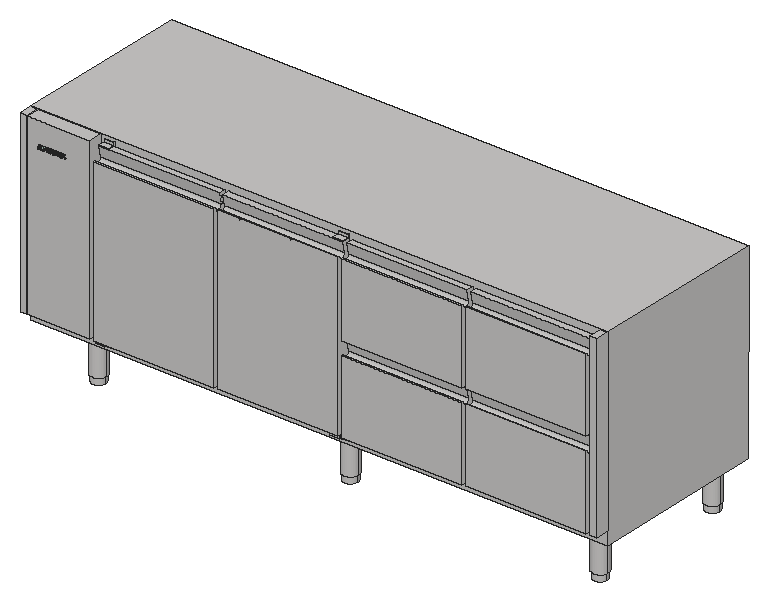
Revit family "QF_ALPENINOX_712838_AHR4RL", category Attrezzature speciali, Revit 2018
Family settings
  Quota connettore circolare = Usa diametro
  Tipo di parte = Normale
  Basato su piano di lavoro = No
  Sempre verticale = Sì
  Taglio con vuoti quando caricato = No
  Condiviso = No
  Punto di calcolo locali = No
Parameters (values of type "Standard")
  Weight = 127.00 kg
  Watts = 30 W
  Volts = 220 V
  URL Manufacturer = "http://www.alpeninox.com"
  URL = "http://www.alpeninox.com"
  Steam Supply Size = 0 mm
  Steam Supply Minimum Pressure = 0.0 Pa
  Steam Supply Maximum Pressure = 0.0 Pa
  Steam Consumption per Hour = 0
  Refrigeration Suction Line Size = 9.5 mm
  Refrigeration Liquid Line Size = 8 mm
  Refrigerant Compressor Remote = yes
  Produttore = "Alpeninox"
  Phase = 1
  Modello = "AHR4RL"
  Length Actual = 2111 mm  # constant formula
  Item Number = "712838"
  Hot Water Size = 0 mm
  Height Actual = 850 mm  # constant formula
  HP = "0 HP"
  Gas Size = 0 mm
  Gas KW = 0
  Gas Input Pressure = 0 W
  Direct Waste Size = 0 mm
  Descrizione = "REFR.COUNTER 590L 2xDOOR 4x1/2DRW NOTOP REM CU_LFT GALV"
  Depth Actual = 700 mm  # constant formula
  Cycle = 50 Hz
  Condensate Return Size = 0 mm
  Compressed Air Volume = 0.0 L/s
  Compressed Air Size = 0 mm
  Compressed Air Pressure = 0.0 Pa
  Cold Water Size = 0 mm
  Accessory = yes
Types (2, lengths in mm): name | URL | Refrigeration Suction Line Size | Refrigeration Liquid Line Size | Produttore | Phase | Modello | Descrizione
  (no name) | 0 | 0 | 0 | 0 | 0 | 0 | 0
  Standard | "http://www.alpeninox.com" | 9.5 | 8 | "Alpeninox" | 1 | "AHR4RL" | "REFR.COUNTER 590L 2xDOOR 4x1/2DRW NOTOP REM CU_LFT GALV"
Values of the unnamed type that differ from the named types
  Weight = 0.00 kg
  Watts = 0 W
  Volts = 0 V
  URL Manufacturer = ""
  Item Number = ""
  HP = ""
  Cycle = 0 Hz
Reference planes
  plane 1: z = 0
  plane 2 "Center (Left/Right)": x = -124.5
  plane 3 "Center (Front/Back)": y = 64.5
  plane 4 "FEET": z = 150
  plane 5 "TOP": z = 900
  plane 6 "PLAIN": z = 850
  plane 7 "EI_back": y = -116
  plane 8 "EI_left": x = -1052
  plane 9 "BACK": y = 412
  plane 10 "FRONT": y = -283
  plane 11 "DOOR": y = -233
  plane 12 "LEFT": x = -1180
  plane 13 "RIGHT": x = 931
  plane 14: x = -1155
  plane 15: x = 906
  plane 16 "RO_left": x = -1099
  plane 17 "RI_left": x = -1074
  plane 18 "RO_back": y = 39
  plane 19 "RI_back": y = 39
  plane 20 "DRAINleft": x = -1114
  plane 21 "DRAINback": y = 164
Forms (mm)
  Extrusion 1, solid, material "QF_Finishes_Stainless Steel"
    sketch origin (-1022.223, -1524, 150) x (-1, 0, 0) y (0, -1, 0)
      loop
        circle (29.777, -1408) r 5
    from 0 to -40
  Extrusion 2, solid, material "QF_Finishes_Stainless Steel"
    sketch origin (-1022.223, -1524, 150) x (-1, 0, 0) y (0, -1, 0)
      loop
        line (-1928.223, -1291) -> (-1928.223, -1241) -> (-1953.223, -1241) -> (-1953.223, -1291) -> (-1928.223, -1291)
    from 48 to 700
  Extrusion 3, solid, material "QF_Finishes_Stainless Steel"
    sketch origin (-1022.223, -1524, 150) x (-1, 0, 0) y (0, -1, 0)
      loop
        circle (76.777, -1563) r 4.25
    from 0 to -20
  Extrusion 4, solid, material "QF_Finishes_Stainless Steel"
    sketch origin (-1022.223, -1524, 150) x (-1, 0, 0) y (0, -1, 0)
      loop
        circle (51.777, -1563) r 4
    from 0 to -20
  Extrusion 5, solid, material "QF_Finishes_Stainless Steel"
    sketch origin (-1022.223, -1524, 150) x (-1, 0, 0) y (0, -1, 0)
      loop
        circle (91.777, -1688) r 8.5
    from 0 to -40
  Extrusion 6, solid, material "QF_Finishes_Stainless Steel"
    sketch origin (-1022.223, -1524, 150) x (-1, 0, 0) y (0, -1, 0)
      loop
        line (157.777, -1936) -> (157.777, -1291) -> (-1953.223, -1291) -> (-1953.223, -1936) -> (157.777, -1936)
    from 0 to 700
  Extrusion 7, solid, material "QF_Finishes_Stainless Steel"
    sketch origin (773.223, -1524, 150) x (1, 0, 0) y (0, 1, 0)
      loop
        line (-1928.223, 1291) -> (-1953.223, 1291) -> (-1953.223, 1241) -> (-1928.223, 1241) -> (-1928.223, 1291)
    from 48 to 700
Lines and regions (mm)
  symbolic lines, style "SpecialityEquipmentHiddenLines"
    curve 1: line (-1180, 412, 150) -> (931, 412, 150)
    curve 2: line (-1180, -283, 150) -> (-1180, 412, 150)
    curve 3: line (931, -283, 150) -> (-1180, -283, 150)
    curve 4: line (931, 412, 150) -> (931, -283, 150)
    curve 5: line (-1180, -233, 150) -> (931, -233, 150)
    curve 6: line (906, -233, 150) -> (906, -283, 150)
    curve 7: line (-1155, -233, 150) -> (-1155, -283, 150)
Dimensions and locks
  plane 4 "FEET" to level = 150 mm
  plane 11 "DOOR" to plane 10 "FRONT" = 50 mm
  plane 6 "PLAIN" to plane 4 "FEET" = 700 mm
  plane 5 "TOP" to plane 6 "PLAIN" = 50 mm
  plane 12 "LEFT" to plane 14 = 25 mm
  plane 15 to plane 13 "RIGHT" = 25 mm
  plane 9 "BACK" to plane 18 "RO_back" = 373 mm
  plane 9 "BACK" to plane 7 "EI_back" = 528 mm
  plane 9 "BACK" to plane 19 "RI_back" = 373 mm
  plane 9 "BACK" to plane 21 "DRAINback" = 248 mm
  plane 12 "LEFT" to plane 20 "DRAINleft" = 66 mm
  plane 12 "LEFT" to plane 8 "EI_left" = 128 mm
  plane 12 "LEFT" to plane 17 "RI_left" = 106 mm
  plane 12 "LEFT" to plane 16 "RO_left" = 81 mm
  plane 9 "BACK" to plane 10 "FRONT" = 695 mm
  equal spacing: plane 9 "BACK", plane 3 "Center (Front/Back)", plane 10 "FRONT"
  plane 12 "LEFT" to plane 13 "RIGHT" = 2111 mm
  equal spacing: plane 12 "LEFT", plane 2 "Center (Left/Right)", plane 13 "RIGHT"
  aligned and locked: level to plane 1
Automatic sketch dimensions
  Extrusion 1 sketch curve to plane 7 "EI_back" = 0 mm
  Extrusion 1 sketch curve to plane 8 "EI_left" = 0 mm
  Extrusion 2 sketch curve to plane 11 "DOOR" = 0 mm
  Extrusion 2 sketch curve to plane 13 "RIGHT" = 0 mm
  Extrusion 2 sketch curve to plane 10 "FRONT" = 0 mm
  Extrusion 2 sketch curve to plane 15 = 0 mm
  Extrusion 3 sketch curve to plane 16 "RO_left" = 0 mm
  Extrusion 3 sketch curve to plane 18 "RO_back" = 0 mm
  Extrusion 5 sketch curve to plane 20 "DRAINleft" = 0 mm
  Extrusion 5 sketch curve to plane 21 "DRAINback" = 0 mm
  Extrusion 6 sketch curve to plane 9 "BACK" = 0 mm
  Extrusion 6 sketch curve to plane 13 "RIGHT" = 0 mm
  Extrusion 6 sketch curve to plane 11 "DOOR" = 0 mm
  Extrusion 6 sketch curve to plane 12 "LEFT" = 0 mm
  curve 4 to plane 10 "FRONT" = 0 mm
  curve 4 to plane 13 "RIGHT" = 0 mm
  curve 6 to plane 11 "DOOR" = 0 mm
  curve 6 to plane 15 = 0 mm
  curve 7 to plane 14 = 0 mm
  curve 3 to plane 12 "LEFT" = 0 mm
  curve 1 to plane 9 "BACK" = 0 mm
  Extrusion 7 sketch curve to plane 11 "DOOR" = 0 mm
  Extrusion 7 sketch curve to plane 12 "LEFT" = 0 mm
  Extrusion 7 sketch curve to plane 10 "FRONT" = 0 mm
  Extrusion 7 sketch curve to plane 14 = 0 mm
  Extrusion 4 sketch curve to plane 17 "RI_left" = 0 mm
  Extrusion 4 sketch curve to plane 19 "RI_back" = 0 mm
  radius of Extrusion 1 sketch curve = 5 mm
  radius of Extrusion 3 sketch curve = 4.25 mm
  radius of Extrusion 5 sketch curve = 8.5 mm
  radius of Extrusion 4 sketch curve = 4 mm
Nested families
  nested 1: "HPP_Refrigerator" at (931, -283, 0), type "HPP_Refrigerator"
  nested 2: "HPP_FEET" at (-973, 331, 0), type "HPP_FEET"
  nested 3: "HPP_FEET" at (865, 331, 0), type "HPP_FEET"
  nested 4: "HPP_FEET" at (-973, -183, 0), type "HPP_FEET"
  nested 5: "HPP_FEET" at (865, -183, 0), type "HPP_FEET"
  nested 6: "HPP_FEET" at (-50, -183, 0), type "HPP_FEET"
  nested 7: "HPP_APX_REM_TN_L" at (-960.58, -233, 598) x (1, 0, 0) z (0, -1, 0), type "HPP_APX_REM_TN_L"
    with Show Logo yes
  nested 8: "HPP_APX_SD_L" at (-690, -233, 512) x (1, 0, 0) z (0, -1, 0), type "HPP_APX_SD_L"
    with Show Clearance yes
  nested 9: "HPP_APX_SD_R" at (-236, -233, 512) x (1, 0, 0) z (0, -1, 0), type "HPP_APX_SD_R"
    with Show Clearance yes
  nested 10: "HPP_APX_HALF" at (218, -233, 512) x (1, 0, 0) z (0, -1, 0), type "HPP_APX_HALF"
    with Show Clearance yes
  nested 11: "HPP_APX_HALF" at (672, -233, 512) x (1, 0, 0) z (0, -1, 0), type "HPP_APX_HALF"
    with Show Clearance yes
Connectors
  electrical at (-1052, -116, 110), driven by "Volts"
    settings: on Extrusion 1, index 1, voltage 220 V, apparent load 0 VA, apparent load phase1 0 VA, apparent load phase2 0 VA, apparent load phase3 0 VA, power factor 1, load classification "Other", number of poles 1, system type 31, power factor state 1, is connector primary yes, connector utility no, sub classification motor no, connector description "Electrical Connection"
  piping at (-1099, 39, 130), diameter 9.5, driven by "Refrigeration Suction Line Size"
    settings: on Extrusion 3, index 3, connector inside diameter 609.6 mm, connector length 0 mm, flow factor 0, pipe flow 0.0 L/s, pressure drop 0.0 Pa, fitting loss kfactor 0, connector angle 0.00°, fixture units 0, engagement length 0 mm, angle of deflection 0.00°, flow configuration 1, flow direction 2, fitting loss method 0, system type 8, joint type 0, gender type 0, connector reference index -1, connector utility 0, adjustable connector no, is connector primary yes, connector description "Refrigerant Outlet"
  piping at (-1074, 39, 130), diameter 8, driven by "Refrigeration Liquid Line Size"
    settings: on Extrusion 4, index 4, connector inside diameter 609.6 mm, connector length 0 mm, flow factor 0, pipe flow 0.0 L/s, pressure drop 0.0 Pa, fitting loss kfactor 0, connector angle 0.00°, fixture units 0, engagement length 0 mm, angle of deflection 0.00°, flow configuration 1, flow direction 1, fitting loss method 0, system type 7, joint type 0, gender type 0, connector reference index -1, connector utility 0, adjustable connector no, is connector primary no, connector description "Refrigerant Inlet"
  piping at (-1114, 164, 110), diameter 17
    settings: on Extrusion 5, index 5, connector inside diameter 609.6 mm, connector length 0 mm, flow factor 0, pipe flow 0.0 L/s, pressure drop 0.0 Pa, fitting loss kfactor 0, connector angle 0.00°, fixture units 0, engagement length 0 mm, angle of deflection 0.00°, flow configuration 1, flow direction 2, fitting loss method 0, system type 16, joint type 0, gender type 0, connector reference index -1, connector utility 0, adjustable connector no, is connector primary no, connector description "Drain"
Definition of nested family "HPP_FEET"
  Parameters
    FEET = 150 mm
  Reference planes
    plane 1 "Center (Front/Back)": y = 0
    plane 2: z = 0
    plane 3 "Center (Left/Right)": x = 0
    plane 4: z = 150
  Forms (mm)
    Revolve 1, solid
      sketch origin (255.05, 0, 608.09) x (0, 0, 1) y (-1, 0, 0)
        loop
          line (-608.09, 255.05) -> (-608.09, 230.05) -> (-583.09, 230.05) -> (-583.09, 226.05) -> (-458.09, 226.05) -> (-458.09, 255.05) -> (-608.09, 255.05)
        axis (-608.09, 255.05) -> (-458.09, 255.05)
      angle from 0 to 360
  Dimensions and locks
    locked: Revolve 1 sketch curve to Revolve 1 sketch curve at 125
    "FEET": plane 4 to plane 2
    aligned and locked: level to plane 2
    aligned and locked: plane 4 to Revolve 1 sketch curve
    aligned and locked: Revolve 1 sketch curve to level
    aligned and locked: plane 3 "Center (Left/Right)" to Revolve 1 sketch curve
  Automatic sketch dimensions
    Revolve 1 sketch curve to plane 3 "Center (Left/Right)" = 0 mm
    Revolve 1 sketch curve to Revolve 1 sketch curve = 25 mm
    Revolve 1 sketch curve to Revolve 1 sketch curve = 29 mm
    plane 4 to Revolve 1 sketch curve = 50 mm
    Revolve 1 sketch curve to Revolve 1 sketch curve = 20 mm
Definition of nested family "HPP_APX_REM_TN_L"
  Parameters
    Show Logo [instance] = yes
    Default Elevation = 1219.2 mm
  Reference planes
    plane 1 "Center (Front/Back)": y = -74
    plane 2: z = 0
    plane 3 "Center (Left/Right)": x = -78.92
    plane 4: x = -194.42
    plane 5: x = 36.58
    plane 6: y = 252
    plane 7: y = -400
  Forms (mm)
    Extrusion 1, solid
      sketch origin (0, 0, 0) x (1, 0, 0) y (0, 1, 0)
        loop
          line (-1219.2, 1219.2) -> (-1219.2, -1219.2) -> (1219.2, -1219.2) -> (1219.2, 1219.2) -> (-1219.2, 1219.2)
      from 0 to -304.8
    Extrusion 2, solid
      sketch origin (0, 0, 0) x (1, 0, 0) y (0, 1, 0)
        loop
          line (-194.42, 252) -> (-194.42, -400) -> (36.58, -400) -> (36.58, 252) -> (-194.42, 252)
      from 0 to 50
    Extrusion 3, solid
      sketch origin (18.272, 0.892, 0) x (1, 0, 0) y (0, 1, 0)
        loop
          line (-168.675, 170.349) -> (-172.411, 160.318)
          arc (-172.411, 160.318) -> (-171.624, 158.497) -> (-169.837, 159.36) r 1.374
          line (-169.837, 159.36) -> (-169.268, 161.111) -> (-164.1, 161.111) -> (-163.54, 159.379)
          arc (-163.54, 159.379) -> (-161.802, 158.542) -> (-161.049, 160.318) r 1.333
          line (-161.049, 160.318) -> (-164.694, 170.349)
          arc (-164.694, 170.349) -> (-166.685, 171.876) -> (-168.675, 170.349) r 2.06
        loop
          line (-166.681, 169.055) -> (-168.469, 163.655) -> (-164.935, 163.655) -> (-166.681, 169.055)
        loop
          arc (-159.705, 160.042) -> (-159.262, 158.973) -> (-158.194, 158.531) r 1.512
          line (-158.194, 158.531) -> (-153.608, 158.531)
          arc (-153.608, 158.531) -> (-152.337, 159.802) -> (-153.608, 161.074) r 1.272
          line (-153.608, 161.074) -> (-156.917, 161.074) -> (-156.917, 170.328)
          arc (-156.917, 170.328) -> (-158.311, 171.722) -> (-159.705, 170.328) r 1.394
          line (-159.705, 170.328) -> (-159.705, 160.042)
        loop
          line (-151.076, 170.218) -> (-151.076, 159.859)
          arc (-151.076, 159.859) -> (-149.683, 158.466) -> (-148.29, 159.859) r 1.393
          line (-148.29, 159.859) -> (-148.29, 162.882) -> (-146.225, 162.882)
          arc (-146.225, 162.882) -> (-142.999, 163.859) -> (-141.608, 166.928) r 4.082
          arc (-141.608, 166.928) -> (-142.993, 170.272) -> (-146.336, 171.657) r 4.728
          line (-146.336, 171.657) -> (-149.638, 171.657)
          arc (-149.638, 171.657) -> (-150.655, 171.235) -> (-151.076, 170.218) r 1.439
        loop
          line (-148.29, 165.313) -> (-146.388, 165.313)
          arc (-146.388, 165.313) -> (-144.433, 167.268) -> (-146.388, 169.222) r 1.955
          line (-146.388, 169.222) -> (-148.29, 169.222) -> (-148.29, 165.313)
        loop
          arc (-131.184, 166.332) -> (-132.004, 168.2) -> (-133.767, 169.228) r 3.3
          arc (-133.767, 169.228) -> (-136.353, 168.661) -> (-137.611, 166.332) r 3.176
          line (-137.611, 166.332) -> (-131.184, 166.332)
        loop
          line (-137.538, 163.743) -> (-130.544, 163.743)
          arc (-130.544, 163.743) -> (-129.292, 163.916) -> (-128.301, 164.701) r 2.4
          arc (-128.301, 164.701) -> (-128.155, 165.545) -> (-128.212, 166.399) r 3.635
          arc (-128.212, 166.399) -> (-130.364, 170.162) -> (-134.39, 171.769) r 6.579
          arc (-134.39, 171.769) -> (-138.918, 169.706) -> (-140.661, 165.044) r 6.501
          arc (-140.661, 165.044) -> (-139.276, 160.789) -> (-135.401, 158.549) r 6.252
          arc (-135.401, 158.549) -> (-132.922, 158.526) -> (-130.544, 159.232) r 8.361
          arc (-130.544, 159.232) -> (-129.466, 159.781) -> (-128.641, 160.666) r 3.486
          arc (-128.641, 160.666) -> (-128.419, 161.592) -> (-128.828, 162.451) r 1.425
          arc (-128.828, 162.451) -> (-129.368, 162.762) -> (-129.99, 162.762) r 1.203
          arc (-129.99, 162.762) -> (-130.406, 162.59) -> (-130.764, 162.316) r 1.724
          arc (-130.764, 162.316) -> (-131.666, 161.705) -> (-132.646, 161.229) r 7.6
          arc (-132.646, 161.229) -> (-135.676, 161.35) -> (-137.538, 163.743) r 3.6
        loop
          line (-126.669, 170.328) -> (-126.669, 159.859)
          arc (-126.669, 159.859) -> (-125.273, 158.463) -> (-123.878, 159.859) r 1.396
          line (-123.878, 159.859) -> (-123.878, 166.785) -> (-117.946, 159.029)
          arc (-117.946, 159.029) -> (-116.361, 158.51) -> (-115.379, 159.859) r 1.417
          line (-115.379, 159.859) -> (-115.379, 170.328)
          arc (-115.379, 170.328) -> (-116.774, 171.723) -> (-118.169, 170.328) r 1.395
          line (-118.169, 170.328) -> (-118.169, 163.311) -> (-124.101, 171.157)
          arc (-124.101, 171.157) -> (-125.687, 171.678) -> (-126.669, 170.328) r 1.418
        loop
          arc (-113.636, 159.859) -> (-112.241, 158.464) -> (-110.847, 159.859) r 1.394
          line (-110.847, 159.859) -> (-110.847, 170.328)
          arc (-110.847, 170.328) -> (-112.241, 171.723) -> (-113.636, 170.328) r 1.394
          line (-113.636, 170.328) -> (-113.636, 159.859)
        loop
          line (-109.102, 170.328) -> (-109.102, 159.859)
          arc (-109.102, 159.859) -> (-107.706, 158.463) -> (-106.31, 159.859) r 1.396
          line (-106.31, 159.859) -> (-106.31, 166.785) -> (-100.378, 159.029)
          arc (-100.378, 159.029) -> (-98.793, 158.51) -> (-97.812, 159.859) r 1.417
          line (-97.812, 159.859) -> (-97.812, 170.328)
          arc (-97.812, 170.328) -> (-99.207, 171.723) -> (-100.602, 170.328) r 1.395
          line (-100.602, 170.328) -> (-100.602, 163.311) -> (-106.533, 171.157)
          arc (-106.533, 171.157) -> (-108.119, 171.678) -> (-109.102, 170.328) r 1.418
        loop
          arc (-96.345, 165.093) -> (-95.619, 161.877) -> (-93.467, 159.379) r 6.806
          arc (-93.467, 159.379) -> (-91.792, 158.566) -> (-89.948, 158.31) r 5.956
          arc (-89.948, 158.31) -> (-88.104, 158.566) -> (-86.43, 159.379) r 5.956
          arc (-86.43, 159.379) -> (-84.277, 161.877) -> (-83.551, 165.093) r 6.806
          arc (-83.551, 165.093) -> (-84.277, 168.31) -> (-86.43, 170.808) r 6.806
          arc (-86.43, 170.808) -> (-88.104, 171.621) -> (-89.948, 171.877) r 5.956
          arc (-89.948, 171.877) -> (-91.792, 171.621) -> (-93.467, 170.808) r 5.956
          arc (-93.467, 170.808) -> (-95.619, 168.31) -> (-96.345, 165.093) r 6.806
        loop
          arc (-93.425, 165.093) -> (-93.138, 163.212) -> (-92.081, 161.629) r 4.387
          arc (-92.081, 161.629) -> (-91.087, 161.049) -> (-89.948, 160.881) r 3.035
          arc (-89.948, 160.881) -> (-88.809, 161.049) -> (-87.815, 161.629) r 3.035
          arc (-87.815, 161.629) -> (-86.759, 163.212) -> (-86.472, 165.093) r 4.387
          arc (-86.472, 165.093) -> (-86.759, 166.975) -> (-87.815, 168.558) r 4.387
          arc (-87.815, 168.558) -> (-88.809, 169.138) -> (-89.948, 169.306) r 3.035
          arc (-89.948, 169.306) -> (-91.087, 169.138) -> (-92.081, 168.558) r 3.035
          arc (-92.081, 168.558) -> (-93.138, 166.975) -> (-93.425, 165.093) r 4.387
        loop
          line (-82.843, 169.609) -> (-79.829, 165.552) -> (-83.513, 160.652)
          arc (-83.513, 160.652) -> (-83.216, 158.692) -> (-81.262, 159.029) r 1.388
          line (-81.262, 159.029) -> (-78.213, 163.232) -> (-75.164, 159.029)
          arc (-75.164, 159.029) -> (-73.211, 158.692) -> (-72.913, 160.652) r 1.388
          line (-72.913, 160.652) -> (-76.597, 165.552) -> (-73.584, 169.609)
          arc (-73.584, 169.609) -> (-73.952, 171.597) -> (-75.908, 171.084) r 1.38
          line (-75.908, 171.084) -> (-78.213, 167.841) -> (-80.519, 171.084)
          arc (-80.519, 171.084) -> (-82.474, 171.597) -> (-82.843, 169.609) r 1.38
      from 50 to 51.6
  Lines and regions (mm)
    Split face 1
      outline origin (0, 0, 50) x (1, 0, 0) y (0, 1, 0)
        loop
          line (36.58, 183) -> (-147.92, 183)
          arc (-147.92, 183) -> (-165.42, 165.5) -> (-147.92, 148) r 17.5
          line (-147.92, 148) -> (36.58, 148)
    Split face 2
      outline origin (12.5, 0, 50) x (1, 0, 0) y (0, 1, 0)
        loop
          line (-55.92, 177) -> (-55.92, 154) -> (14.08, 154) -> (14.08, 177) -> (-55.92, 177)
    Split face 3
      outline origin (12.5, 0, 50) x (1, 0, 0) y (0, 1, 0)
        loop
          line (-5.92, 174) -> (-5.92, 157) -> (11.08, 157) -> (11.08, 174) -> (-5.92, 174)
    Split face 4
      outline origin (0, 0, 50) x (1, 0, 0) y (0, 1, 0)
        loop
          line (-194.42, 188) -> (36.58, 188)
        loop
          line (-194.42, 143) -> (36.58, 143)
    symbolic lines
      curve 1: line (36.58, -74, 50) -> (36.58, -74, 0)
  Dimensions and locks
    equal spacing: plane 6, plane 1 "Center (Front/Back)", plane 7
    plane 4 to plane 5 = 231 mm
    equal spacing: plane 4, plane 3 "Center (Left/Right)", plane 5
    plane 6 to plane 7 = 652 mm
    aligned and locked: plane 2 to Extrusion 1
    aligned and locked: level to Extrusion 1
  Automatic sketch dimensions
    Extrusion 1 sketch curve to Extrusion 1 sketch curve = 2438.4 mm  (x2)
    Extrusion 2 sketch curve to plane 4 = 0 mm
    Extrusion 2 sketch curve to plane 5 = 0 mm
    Extrusion 2 sketch curve to plane 7 = 0 mm
    Extrusion 2 sketch curve to plane 6 = 0 mm
    Split face 1 sketch curve to Extrusion 2 = 0 mm  (x2)
    Split face 1 sketch curve to Extrusion 2 = 46.5 mm
    Split face 1 sketch curve to Extrusion 2 = 86.5 mm
    Split face 1 sketch curve to Split face 1 sketch curve = 17.5 mm
    Split face 2 sketch curve to Extrusion 2 = 80 mm
    Split face 2 sketch curve to Extrusion 2 = 10 mm
    Split face 2 sketch curve to Extrusion 2 = 98 mm
    Split face 2 sketch curve to Split face 2 sketch curve = 23 mm
    Split face 3 sketch curve to Extrusion 2 = 30 mm
    Split face 3 sketch curve to Split face 3 sketch curve = 17 mm  (x2)
    Split face 3 sketch curve to Extrusion 2 = 95 mm
    curve 1 to level = 0 mm
    curve 1 to plane 5 = 0 mm
    curve 1 to curve 1 = 50 mm
    plane 4 to Extrusion 3 sketch curve = 40.282 mm
    Extrusion 3 sketch curve to Extrusion 3 sketch curve = 1.266 mm
    Extrusion 3 sketch curve to Extrusion 3 sketch curve = 1.307 mm
    Extrusion 3 sketch curve to Extrusion 3 sketch curve = 0.57 mm
    Extrusion 3 sketch curve to Extrusion 3 sketch curve = 0.593 mm
    Extrusion 3 sketch curve to Extrusion 3 sketch curve = 0.799 mm
    Extrusion 3 sketch curve to Extrusion 3 sketch curve = 1.99 mm  (x2)
    Extrusion 3 sketch curve to Extrusion 3 sketch curve = 0.003 mm
    Extrusion 3 sketch curve to Extrusion 3 sketch curve = 3.534 mm
    Extrusion 3 sketch curve to Extrusion 3 sketch curve = 0.835 mm
    Extrusion 3 sketch curve to Extrusion 3 sketch curve = 0.56 mm
    Extrusion 3 sketch curve to Extrusion 3 sketch curve = 1.268 mm
    Extrusion 3 sketch curve to Extrusion 3 sketch curve = 1.223 mm
    Extrusion 3 sketch curve to Extrusion 3 sketch curve = 1.344 mm
    Extrusion 3 sketch curve to Extrusion 3 sketch curve = 1.394 mm  (x2)
    Extrusion 3 sketch curve to Extrusion 3 sketch curve = 1.512 mm
    Extrusion 3 sketch curve to Extrusion 3 sketch curve = 3.309 mm
    Extrusion 3 sketch curve to Extrusion 3 sketch curve = 5.841 mm
    Extrusion 3 sketch curve to Extrusion 3 sketch curve = 1.393 mm
    Extrusion 3 sketch curve to Extrusion 3 sketch curve = 1.439 mm
    Extrusion 3 sketch curve to Extrusion 3 sketch curve = 0 mm  (x18)
    Extrusion 3 sketch curve to Extrusion 3 sketch curve = 1.902 mm
    Extrusion 3 sketch curve to Extrusion 3 sketch curve = 0.052 mm
    Extrusion 3 sketch curve to Extrusion 3 sketch curve = 2.065 mm
    Extrusion 3 sketch curve to Extrusion 3 sketch curve = 0.647 mm
    Extrusion 3 sketch curve to Extrusion 3 sketch curve = 8.079 mm
    Extrusion 3 sketch curve to Extrusion 3 sketch curve = 0.073 mm
    Extrusion 3 sketch curve to Extrusion 3 sketch curve = 2.145 mm
    Extrusion 3 sketch curve to Extrusion 3 sketch curve = 2.931 mm
    Extrusion 3 sketch curve to Extrusion 3 sketch curve = 0.213 mm
    Extrusion 3 sketch curve to Extrusion 3 sketch curve = 0.026 mm
    Extrusion 3 sketch curve to Extrusion 3 sketch curve = 0.263 mm
    Extrusion 3 sketch curve to Extrusion 3 sketch curve = 0.516 mm
    Extrusion 3 sketch curve to Extrusion 3 sketch curve = 0.356 mm
    Extrusion 3 sketch curve to Extrusion 3 sketch curve = 0.387 mm
    Extrusion 3 sketch curve to Extrusion 3 sketch curve = 2.378 mm
    Extrusion 3 sketch curve to Extrusion 3 sketch curve = 2.466 mm
    Extrusion 3 sketch curve to Extrusion 3 sketch curve = 0.602 mm
    Extrusion 3 sketch curve to Extrusion 3 sketch curve = 1.02 mm
    Extrusion 3 sketch curve to Extrusion 3 sketch curve = 0.949 mm
    Extrusion 3 sketch curve to Extrusion 3 sketch curve = 1.728 mm
    Extrusion 3 sketch curve to Extrusion 3 sketch curve = 0.157 mm  (x2)
    Extrusion 3 sketch curve to Extrusion 3 sketch curve = 0.292 mm
    Extrusion 3 sketch curve to Extrusion 3 sketch curve = 3.565 mm
    Extrusion 3 sketch curve to Extrusion 3 sketch curve = 1.396 mm  (x2)
    Extrusion 3 sketch curve to Extrusion 3 sketch curve = 1.418 mm  (x2)
    Extrusion 3 sketch curve to Extrusion 3 sketch curve = 1.151 mm  (x2)
    Extrusion 3 sketch curve to Extrusion 3 sketch curve = 5.709 mm  (x2)
    Extrusion 3 sketch curve to Extrusion 3 sketch curve = 0.224 mm  (x2)
    Extrusion 3 sketch curve to Extrusion 3 sketch curve = 1.149 mm  (x2)
    Extrusion 3 sketch curve to Extrusion 3 sketch curve = 1.395 mm  (x2)
    Extrusion 3 sketch curve to Extrusion 3 sketch curve = 1.744 mm
    Extrusion 3 sketch curve to Extrusion 3 sketch curve = 1.745 mm
    plane 3 "Center (Left/Right)" to Extrusion 3 sketch curve = 6.343 mm
    Extrusion 3 sketch curve to Extrusion 3 sketch curve = 0.493 mm  (x3)
    Extrusion 3 sketch curve to Extrusion 3 sketch curve = 0.273 mm  (x2)
    Extrusion 3 sketch curve to Extrusion 3 sketch curve = 0.021 mm  (x2)
    Extrusion 3 sketch curve to Extrusion 3 sketch curve = 0.226 mm  (x2)
    Extrusion 3 sketch curve to Extrusion 3 sketch curve = 0.268 mm  (x2)
    Extrusion 3 sketch curve to Extrusion 3 sketch curve = 0.294 mm
    Extrusion 3 sketch curve to Extrusion 3 sketch curve = 5.534 mm
    Extrusion 3 sketch curve to Extrusion 3 sketch curve = 6.205 mm
    Extrusion 3 sketch curve to Extrusion 3 sketch curve = 1.109 mm  (x2)
    Extrusion 3 sketch curve to Extrusion 3 sketch curve = 1.108 mm  (x2)
    Extrusion 3 sketch curve to Extrusion 3 sketch curve = 1.142 mm  (x2)
    Extrusion 3 sketch curve to Extrusion 3 sketch curve = 1.216 mm  (x2)
    Extrusion 3 sketch curve to Extrusion 3 sketch curve = 3.013 mm
    Extrusion 3 sketch curve to Extrusion 3 sketch curve = 1.616 mm  (x3)
    Extrusion 3 sketch curve to Extrusion 3 sketch curve = 2.305 mm
    Extrusion 3 sketch curve to Extrusion 3 sketch curve = 3.049 mm
    Extrusion 3 sketch curve to plane 6 = 92.577 mm
    Extrusion 3 sketch curve to Extrusion 3 sketch curve = 0.498 mm
    Extrusion 3 sketch curve to Extrusion 3 sketch curve = 0.682 mm
    Extrusion 3 sketch curve to Extrusion 3 sketch curve = 0.664 mm
    Extrusion 3 sketch curve to Extrusion 3 sketch curve = 0.425 mm
    Extrusion 3 sketch curve to Extrusion 3 sketch curve = 0.41 mm
    Extrusion 3 sketch curve to Extrusion 3 sketch curve = 1.272 mm
    Extrusion 3 sketch curve to Extrusion 3 sketch curve = 0.789 mm  (x2)
    Extrusion 3 sketch curve to Extrusion 3 sketch curve = 0.056 mm
    Extrusion 3 sketch curve to Extrusion 3 sketch curve = 0.83 mm
    Extrusion 3 sketch curve to Extrusion 3 sketch curve = 1.238 mm
    Extrusion 3 sketch curve to Extrusion 3 sketch curve = 1.732 mm
    Extrusion 3 sketch curve to Extrusion 3 sketch curve = 0.346 mm
    Extrusion 3 sketch curve to Extrusion 3 sketch curve = 1.123 mm
    Extrusion 3 sketch curve to Extrusion 3 sketch curve = 3.023 mm
    Extrusion 3 sketch curve to Extrusion 3 sketch curve = 4.203 mm
    Extrusion 3 sketch curve to Extrusion 3 sketch curve = 3.452 mm  (x2)
    Extrusion 3 sketch curve to Extrusion 3 sketch curve = 2.544 mm
    Extrusion 3 sketch curve to Extrusion 3 sketch curve = 1.177 mm
    Extrusion 3 sketch curve to Extrusion 3 sketch curve = 3.261 mm
    Extrusion 3 sketch curve to Extrusion 3 sketch curve = 0.352 mm  (x2)
    Extrusion 3 sketch curve to Extrusion 3 sketch curve = 1.987 mm
    Extrusion 3 sketch curve to Extrusion 3 sketch curve = 0.171 mm
    Extrusion 3 sketch curve to Extrusion 3 sketch curve = 0.533 mm  (x3)
    Extrusion 3 sketch curve to Extrusion 3 sketch curve = 0.14 mm  (x4)
    Extrusion 3 sketch curve to Extrusion 3 sketch curve = 0.473 mm
    Extrusion 3 sketch curve to Extrusion 3 sketch curve = 0.31 mm  (x2)
    Extrusion 3 sketch curve to Extrusion 3 sketch curve = 0.075 mm
    Extrusion 3 sketch curve to Extrusion 3 sketch curve = 2.431 mm
    Extrusion 3 sketch curve to Extrusion 3 sketch curve = 2.32 mm  (x2)
    Extrusion 3 sketch curve to Extrusion 3 sketch curve = 1.992 mm
    Extrusion 3 sketch curve to Extrusion 3 sketch curve = 0.674 mm
    Extrusion 3 sketch curve to Extrusion 3 sketch curve = 0.732 mm
    Extrusion 3 sketch curve to Extrusion 3 sketch curve = 0.388 mm
    Extrusion 3 sketch curve to Extrusion 3 sketch curve = 0.121 mm
    Extrusion 3 sketch curve to Extrusion 3 sketch curve = 2.589 mm
    Extrusion 3 sketch curve to Extrusion 3 sketch curve = 0.662 mm
    Extrusion 3 sketch curve to Extrusion 3 sketch curve = 3.473 mm
    Extrusion 3 sketch curve to Extrusion 3 sketch curve = 0.681 mm
    Extrusion 3 sketch curve to Extrusion 3 sketch curve = 1.615 mm
    Extrusion 3 sketch curve to Extrusion 3 sketch curve = 0.34 mm
    Extrusion 3 sketch curve to Extrusion 3 sketch curve = 2.288 mm
    Extrusion 3 sketch curve to Extrusion 3 sketch curve = 0.942 mm
    Extrusion 3 sketch curve to Extrusion 3 sketch curve = 5.4 mm
    Extrusion 3 sketch curve to Extrusion 3 sketch curve = 1.768 mm  (x2)
    Extrusion 3 sketch curve to Extrusion 3 sketch curve = 0.761 mm
    Extrusion 3 sketch curve to Extrusion 3 sketch curve = 0.996 mm
    Extrusion 3 sketch curve to Extrusion 3 sketch curve = 3.543 mm  (x2)
    Extrusion 3 sketch curve to Extrusion 3 sketch curve = 7.017 mm
    Extrusion 3 sketch curve to Extrusion 3 sketch curve = 0.11 mm
    Extrusion 3 sketch curve to Extrusion 3 sketch curve = 0.823 mm  (x2)
    Extrusion 3 sketch curve to Extrusion 3 sketch curve = 0.947 mm
    Extrusion 3 sketch curve to Extrusion 3 sketch curve = 3.837 mm
    Extrusion 3 sketch curve to Extrusion 3 sketch curve = 0.623 mm
    Extrusion 3 sketch curve to Extrusion 3 sketch curve = 1.082 mm
    Extrusion 3 sketch curve to Extrusion 3 sketch curve = 0.801 mm
    Extrusion 3 sketch curve to Extrusion 3 sketch curve = 1 mm
    Extrusion 3 sketch curve to Extrusion 3 sketch curve = 0.089 mm
    plane 3 "Center (Left/Right)" to Extrusion 3 sketch curve = 0.847 mm
    plane 3 "Center (Left/Right)" to Extrusion 3 sketch curve = 3.726 mm  (x2)
    plane 3 "Center (Left/Right)" to Extrusion 3 sketch curve = 3.767 mm
    plane 3 "Center (Left/Right)" to Extrusion 3 sketch curve = 5.111 mm  (x2)
    plane 3 "Center (Left/Right)" to Extrusion 3 sketch curve = 7.244 mm  (x4)
    Extrusion 3 sketch curve to Extrusion 3 sketch curve = 2.133 mm  (x2)
    Extrusion 3 sketch curve to Extrusion 3 sketch curve = 1.385 mm  (x2)
    Extrusion 3 sketch curve to Extrusion 3 sketch curve = 5.603 mm
    Extrusion 3 sketch curve to Extrusion 3 sketch curve = 2.571 mm
    Split face 4 sketch curve to Extrusion 2 = 0 mm  (x4)
    Split face 4 sketch curve to Extrusion 2 = 109 mm
    Split face 4 sketch curve to Split face 4 sketch curve = 45 mm
Definition of nested family "HPP_APX_SD_L"
  Parameters
    Show Clearance [instance] = yes
    Default Elevation = 1219.2 mm
  Reference planes
    plane 1 "Center (Front/Back)": y = 0
    plane 2: z = 0
    plane 3 "Center (Left/Right)": x = 0
    plane 4: x = -234
    plane 5: x = 234
  Forms (mm)
    Extrusion 1, solid
      sketch origin (0, 0, 0) x (1, 0, 0) y (0, 1, 0)
        loop
          line (-1219.2, 1219.2) -> (-1219.2, -1219.2) -> (1219.2, -1219.2) -> (1219.2, 1219.2) -> (-1219.2, 1219.2)
      from 0 to -304.8
    Extrusion 2, solid
      sketch origin (0, 0, -3) x (0, 1, 0) y (0, 0, 1)
        loop
          line (-314, 53) -> (-314, 3) -> (314, 3) -> (314, 29) -> (274.395, 20)
          arc (274.395, 20) -> (260.396, 33.803) -> (274, 47.994) r 14
          line (274, 47.994) -> (274, 53) -> (-314, 53)
      from -220 to 220
    Extrusion 3, solid
      sketch origin (0, 0, 0) x (0, 1, 0) y (0, 0, -1)
        loop
          line (-323.003, -40.312) -> (-323.003, -12.259) -> (-323.003, 0) -> (-351.511, 0) -> (-351.511, -2.5) -> (-325.503, -2.5) -> (-325.503, -42.812) -> (-316.501, -42.812) -> (-316.501, -40.312) -> (-323.003, -40.312)
        loop
          line (-314, -38.311) -> (-314, -11.804) -> (-319.752, -11.804) -> (-319.752, -14.304) -> (-316.501, -14.304) -> (-316.501, -38.311) -> (-314, -38.311)
        loop
          line (315.003, -27.948) -> (317.503, -27.948) -> (317.503, -2.5) -> (327.503, -2.5) -> (327.503, 0) -> (315.003, 0) -> (315.003, -2.948) -> (315.003, -27.948)
      from 185 to 220
    Extrusion 4, solid, visible <- "Show Clearance", detail levels coarse
      sketch origin (0, 0, -3) x (-1, 0, 0) y (0, 0, -1)
        loop
          line (220, -53) -> (-220, -53)
          arc (-220, -53) -> (-79.636, -340.04) -> (220, -451) r 430
          line (220, -451) -> (220, -53)
      from -314 to 314
  Lines and regions (mm)
    symbolic lines
      curve 1: arc (219.599, 0, 55) -> (95.934, 0, 321.503) -> (-170, 0, 446.39) r 430
      curve 2: line (-220, 0, 55) -> (-220, 0, 448)
      curve 3: line (-170, 0, 55) -> (-170, 0, 448)
      curve 4: line (-220, 0, 448) -> (-170, 0, 448)
  Dimensions and locks
    plane 4 to plane 3 "Center (Left/Right)" to plane 5 = 234 mm locked, 234 mm locked
    aligned and locked: plane 2 to Extrusion 1
    aligned and locked: level to Extrusion 1
Definition of nested family "HPP_APX_SD_R"
  Parameters
    Show Clearance [instance] = yes
    Default Elevation = 1219.2 mm
  Reference planes
    plane 1 "Center (Front/Back)": y = 0
    plane 2: z = 0
    plane 3 "Center (Left/Right)": x = 0
    plane 4: x = -234
    plane 5: x = 234
  Forms (mm)
    Extrusion 1, solid
      sketch origin (0, 0, 0) x (1, 0, 0) y (0, 1, 0)
        loop
          line (-1219.2, 1219.2) -> (-1219.2, -1219.2) -> (1219.2, -1219.2) -> (1219.2, 1219.2) -> (-1219.2, 1219.2)
      from 0 to -304.8
    Extrusion 2, solid
      sketch origin (0, 0, -3) x (0, 1, 0) y (0, 0, -1)
        loop
          line (-314, -53) -> (274, -53) -> (274, -47.994)
          arc (274, -47.994) -> (260.396, -33.803) -> (274.395, -20) r 14
          line (274.395, -20) -> (314, -29) -> (314, -3) -> (-314, -3) -> (-314, -53)
      from -220 to 220
    Extrusion 3, solid
      sketch origin (0, 0, 0) x (0, 1, 0) y (0, 0, 1)
        loop
          line (-323.003, 40.312) -> (-316.501, 40.312) -> (-316.501, 42.812) -> (-325.503, 42.812) -> (-325.503, 2.5) -> (-351.511, 2.5) -> (-351.511, 0) -> (-323.003, 0) -> (-323.003, 12.259) -> (-323.003, 40.312)
        loop
          line (-314, 38.311) -> (-316.501, 38.311) -> (-316.501, 14.304) -> (-319.752, 14.304) -> (-319.752, 11.804) -> (-314, 11.804) -> (-314, 38.311)
        loop
          line (315.003, 27.948) -> (315.003, 2.948) -> (315.003, 0) -> (327.503, 0) -> (327.503, 2.5) -> (317.503, 2.5) -> (317.503, 27.948) -> (315.003, 27.948)
      from 185 to 220
    Extrusion 4, solid, visible <- "Show Clearance", detail levels coarse
      sketch origin (0, 0, -3) x (1, 0, 0) y (0, 0, 1)
        loop
          line (220, 53) -> (220, 451)
          arc (220, 451) -> (-79.636, 340.04) -> (-220, 53) r 430
          line (-220, 53) -> (220, 53)
      from -314 to 314
  Lines and regions (mm)
    symbolic lines
      curve 1: arc (-219.599, 0, 55) -> (-95.934, 0, 321.503) -> (170, 0, 446.39) r 430
      curve 2: line (220, 0, 55) -> (220, 0, 448)
      curve 3: line (170, 0, 55) -> (170, 0, 448)
      curve 4: line (220, 0, 448) -> (170, 0, 448)
  Dimensions and locks
    plane 4 to plane 3 "Center (Left/Right)" to plane 5 = 234 mm locked, 234 mm locked
    aligned and locked: plane 2 to Extrusion 1
    aligned and locked: level to Extrusion 1
Definition of nested family "HPP_APX_HALF"
  Parameters
    Show Clearance [instance] = yes
    Default Elevation = 1219.2 mm
  Reference planes
    plane 1 "Center (Front/Back)": y = 0
    plane 2: z = 0
    plane 3 "Center (Left/Right)": x = 0
    plane 4: x = -234
    plane 5: x = 234
    plane 6: z = 618
  Forms (mm)
    Extrusion 1, solid
      sketch origin (0, 0, 0) x (1, 0, 0) y (0, 1, 0)
        loop
          line (-1219.2, 1219.2) -> (-1219.2, -1219.2) -> (1219.2, -1219.2) -> (1219.2, 1219.2) -> (-1219.2, 1219.2)
      from 0 to -304.8
    Extrusion 2, solid
      sketch origin (0, 0, 0) x (0, 1, 0) y (0, 0, 1)
        loop
          line (314, 0) -> (314, 26) -> (274.395, 17)
          arc (274.395, 17) -> (260.395, 31) -> (274.395, 45) r 14
          line (274.395, 45) -> (274.395, 50) -> (5, 50) -> (5, 0) -> (314, 0)
        loop
          line (-5, 0) -> (-5, 26) -> (-44.605, 17)
          arc (-44.605, 17) -> (-58.605, 31) -> (-44.605, 45) r 14
          line (-44.605, 45) -> (-44.605, 50) -> (-314, 50) -> (-314, 0) -> (-5, 0)
      from -220 to 220
    Extrusion 3, solid, visible <- "Show Clearance", detail levels coarse
      sketch origin (0, 0, 512) x (0, 1, 0) y (0, 0, 1)
        loop
          line (-314, 106) -> (-314, -462) -> (-5, -462) -> (-5, 82) -> (-44.605, 73)
          arc (-44.605, 73) -> (-58.605, 87) -> (-44.605, 101) r 14
          line (-44.605, 101) -> (-44.605, 106) -> (-314, 106)
        loop
          line (314, -462) -> (314, 82) -> (274.395, 73)
          arc (274.395, 73) -> (260.395, 87) -> (274.395, 101) r 14
          line (274.395, 101) -> (274.395, 106) -> (5, 106) -> (5, -462) -> (314, -462)
      from -220 to 220
  Lines and regions (mm)
    symbolic lines
      curve 1: line (220, 0, 139.793) -> (-220, 0, 139.793)
      curve 2: line (220, 0, 174.793) -> (-220, 0, 174.793)
      curve 3: line (220, 0, 259.793) -> (-220, 0, 259.793)
      curve 4: line (220, 0, 294.793) -> (-220, 0, 294.793)
      curve 5: line (191.424, 0, 139.793) -> (191.424, 0, 54.793)
      curve 6: line (-190, 0, 139.793) -> (-190, 0, 54.793)
      curve 7: line (191.424, 0, 259.793) -> (191.424, 0, 174.793)
      curve 8: line (-190, 0, 259.793) -> (-190, 0, 174.793)
      curve 9: line (220, 0, 259.793) -> (220, 0, 294.793)
      curve 10: line (-220, 0, 259.793) -> (-220, 0, 294.793)
      curve 11: line (220, 0, 139.793) -> (220, 0, 174.793)
      curve 12: line (-220, 0, 139.793) -> (-220, 0, 174.793)
  Dimensions and locks
    plane 4 to plane 3 "Center (Left/Right)" to plane 5 = 234 mm locked, 234 mm locked
    plane 6 to level = 618 mm
    aligned and locked: plane 2 to Extrusion 1
    aligned and locked: level to Extrusion 1
Definition of nested family "HPP_Refrigerator"
  Reference planes
    plane 1 "Center (Front/Back)": y = 0
    plane 2: z = 0
    plane 3 "Center (Left/Right)": x = 0
  Lines and regions (mm)
    detail lines, in view "Ref. Level"
      curve 1: spline (-500, 190, 0) -> (-493.185, 166.706, 0) -> (-473.205, 145, 0) -> (-441.421, 126.36, 0) -> (-400, 112.058, 0) -> (-351.764, 103.067, 0) -> (-300, 100, 0) -> (-248.236, 103.067, 0) -> (-200, 112.058, 0) -> (-158.579, 126.36, 0) -> (-126.795, 145, 0) -> (-106.815, 166.706, 0) -> (-100, 190, 0) -> (-106.815, 213.294, 0) -> (-126.795, 235, 0) -> (-158.579, 253.64, 0) -> (-200, 267.942, 0) -> (-248.236, 276.933, 0) -> (-300, 280, 0) -> (-351.764, 276.933, 0) -> (-400, 267.942, 0) -> (-441.421, 253.64, 0) -> (-473.205, 235, 0) -> (-493.185, 213.294, 0) -> (-500, 190, 0)
      curve 2: line (-300, 130, 0) -> (-300, 250, 0)
      curve 3: line (-351.962, 220, 0) -> (-248.038, 160, 0)
      curve 4: line (-351.962, 160, 0) -> (-248.038, 220, 0)
      curve 5: line (-280.884, 246.873, 0) -> (-300, 225, 0)
      curve 6: line (-300, 225, 0) -> (-319.116, 246.873, 0)
      curve 7: line (-330.311, 207.5, 0) -> (-339.696, 234.992, 0)
      curve 8: line (-358.812, 201.882, 0) -> (-330.311, 207.5, 0)
      curve 9: line (-330.311, 172.5, 0) -> (-358.812, 178.118, 0)
      curve 10: line (-339.696, 145.008, 0) -> (-330.311, 172.5, 0)
      curve 11: line (-300, 155, 0) -> (-319.116, 133.127, 0)
      curve 12: line (-280.884, 133.127, 0) -> (-300, 155, 0)
      curve 13: line (-269.689, 172.5, 0) -> (-260.304, 145.008, 0)
      curve 14: line (-241.188, 178.118, 0) -> (-269.689, 172.5, 0)
      curve 15: line (-269.689, 207.5, 0) -> (-241.188, 201.882, 0)
      curve 16: line (-260.304, 234.992, 0) -> (-269.689, 207.5, 0)
